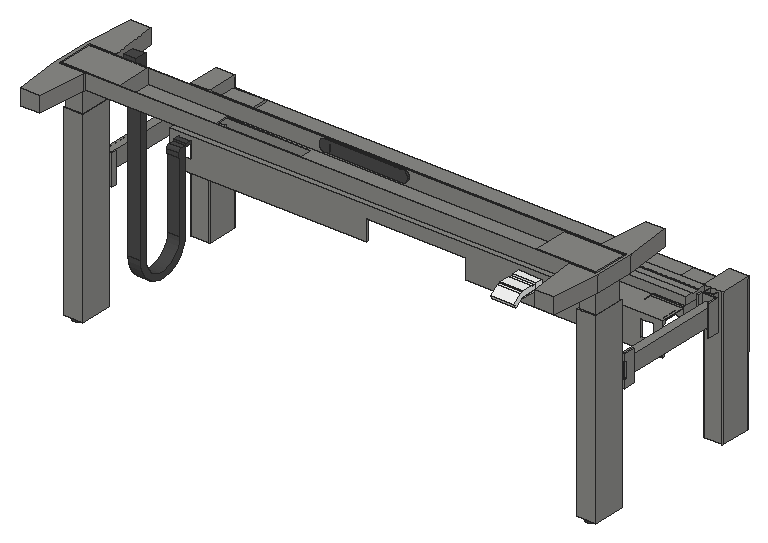
Revit family "Support-Teknion-HNBFNZ_Navigate_Single_Sided_Frame-R2016", category Furniture, Revit 2016 (continued)
Lines and regions (in)
  symbolic lines
    curve 62: line (-30.44132, 2.88042, 0) -> (-30.30683, 2.88042, 0)
    curve 63: line (-30.44132, 3.33648, 0) -> (-30.44132, 2.88042, 0)
    curve 64: line (-32.1881, 3.33648, 0) -> (-30.44132, 3.33648, 0)
    curve 65: line (-32.32258, 2.09301, 0) -> (-32.1881, 2.09301, 0)
    curve 66: line (-32.32258, 3.47097, 0) -> (-32.32258, 2.09301, 0)
    curve 67: line (-32.1881, 3.33648, 0) -> (-32.1881, -10.43825, 0)
    curve 68: line (-32.0631, -10.43825, 0) -> (-32.0631, 3.33648, 0)
    curve 69: line (-31.3131, 3.33648, 0) -> (-31.3131, -10.43825, 0)
    curve 70: line (-31.1881, -10.43825, 0) -> (-31.1881, 3.33648, 0)
    curve 71: line (-32.18117, -9.19479, 0) -> (-32.31565, -9.19479, 0)
    curve 72: line (-32.31565, -9.19479, 0) -> (-32.31565, -10.57274, 0)
    curve 73: line (-32.31565, -10.57274, 0) -> (-30.29991, -10.57274, 0)
    curve 74: line (-30.43439, -9.98219, 0) -> (-30.43439, -10.43825, 0)
    curve 75: line (-30.29991, -9.98219, 0) -> (-30.43439, -9.98219, 0)
    curve 76: line (-30.29991, -10.57274, 0) -> (-30.29991, -9.98219, 0)
    curve 77: line (-30.43439, -10.43825, 0) -> (-32.18117, -10.43825, 0)
    curve 78: line (-31.89833, -10.57274, 0) -> (-31.89833, -11.28151, 0)
    curve 79: line (-30.71723, -11.28151, 0) -> (-30.71723, -10.57274, 0)
    curve 80: line (-31.76384, -10.70723, 0) -> (-30.85172, -10.70723, 0)
    curve 81: line (-31.76384, -11.28151, 0) -> (-31.76384, -10.70723, 0)
    curve 82: line (-30.85172, -10.70723, 0) -> (-30.85172, -11.28151, 0)
    curve 83: line (-30.19565, -4.78534, 0) -> (-32.55785, -4.78534, 0)
    curve 84: line (-29.6051, -10.73022, 0) -> (-30.19565, -4.78534, 0)
    curve 85: line (-32.55785, -4.78534, 0) -> (-33.14841, -10.73022, 0)
    curve 86: line (-33.14841, -10.73022, 0) -> (-33.14841, -15.76959, 0)
    curve 87: line (-33.14841, -15.76959, 0) -> (-32.55785, -21.71447, 0)
    curve 88: line (-32.55785, -21.71447, 0) -> (-30.19565, -21.71447, 0)
    curve 89: line (-30.19565, -21.71447, 0) -> (-29.6051, -15.76959, 0)
    curve 90: line (-29.6051, -15.76959, 0) -> (-29.6051, -15.57973, 0)
    curve 91: line (-29.6051, -15.57973, 0) -> (-32.68596, -15.57973, 0)
    curve 92: line (-32.68596, -15.57973, 0) -> (-32.68596, -10.92008, 0)
    curve 93: line (-32.68596, -10.92008, 0) -> (-29.6051, -10.92008, 0)
    curve 94: line (-29.6051, -10.92008, 0) -> (-29.6051, -10.73022, 0)
    curve 95: line (32.77915, -10.95633, 0) -> (-32.68596, -10.95633, 0)
    curve 96: line (-32.68596, -15.54348, 0) -> (32.77915, -15.54348, 0)
    curve 97: line (32.77915, -15.43888, 0) -> (-32.68596, -15.43888, 0)
    curve 98: line (-32.68596, -11.06093, 0) -> (32.77915, -11.06093, 0)
    curve 99: line (-15.64274, -15.16946, 0) -> (-15.64274, -11.33034, 0)
    curve 100: line (-15.64274, -11.33034, 0) -> (-5.28841, -11.33034, 0)
    curve 101: line (-5.28841, -11.33034, 0) -> (-5.28841, -15.16946, 0)
    curve 102: line (-5.28841, -15.16946, 0) -> (-15.64274, -15.16946, 0)
    curve 103: line (25.5419, -11.08455, 0) -> (25.5419, -15.41526, 0)
    curve 104: line (25.5419, -15.41526, 0) -> (32.78599, -15.41526, 0)
    curve 105: line (32.78599, -15.41526, 0) -> (32.78599, -11.08455, 0)
    curve 106: line (32.78599, -11.08455, 0) -> (25.5419, -11.08455, 0)
    curve 115: line (-25.44857, -15.41526, 0) -> (-25.44857, -11.08455, 0)
    curve 116: line (-25.44857, -11.08455, 0) -> (-32.69266, -11.08455, 0)
    curve 117: line (-32.69266, -11.08455, 0) -> (-32.69266, -15.41526, 0)
    curve 118: line (-32.69266, -15.41526, 0) -> (-25.44857, -15.41526, 0)
    curve 119: line (-32.69266, -11.28151, 0) -> (-30.1336, -11.28151, 0)
    curve 120: line (-30.1336, -15.21852, 0) -> (-30.1336, -11.28151, 0)
    curve 121: line (-30.1336, -15.21852, 0) -> (-32.69266, -15.21852, 0)
    curve 122: line (-32.4958, -11.28151, 0) -> (-32.4958, -15.21852, 0)
    curve 123: line (-32.29896, -11.47823, 0) -> (-32.29896, -15.02156, 0)
    curve 124: line (-32.29896, -15.02156, 0) -> (-30.33046, -15.02156, 0)
    curve 125: line (-30.33046, -15.02156, 0) -> (-30.33046, -11.47823, 0)
    curve 126: line (-30.33046, -11.47823, 0) -> (-32.29896, -11.47823, 0)
    curve 127: line (-32.04152, -11.6751, 0) -> (-32.04152, -14.82471, 0)
    curve 128: line (-32.04152, -14.82471, 0) -> (-30.46671, -14.82471, 0)
    curve 129: line (-30.46671, -14.82471, 0) -> (-30.46671, -11.6751, 0)
    curve 130: line (-30.46671, -11.6751, 0) -> (-32.04152, -11.6751, 0)
    curve 131: line (-29.92983, -15.43888, 0) -> (-29.92983, -11.06093, 0)
    curve 132: arc (-31.90612, -14.48572, 0) -> (-31.31166, -13.89126, 0) -> (-30.71719, -14.48572, 0) r 0.59447
    curve 133: arc (-30.71719, -14.48572, 0) -> (-31.31166, -15.08019, 0) -> (-31.90612, -14.48572, 0) r 0.59447
    curve 134: arc (-31.72174, -14.48586, 0) -> (-31.31166, -14.07577, 0) -> (-30.90157, -14.48586, 0) r 0.41009
    curve 135: arc (-30.90157, -14.48586, 0) -> (-31.31166, -14.89595, 0) -> (-31.72174, -14.48586, 0) r 0.41009
    curve 236: line (32.47089, 8.14164, 0) -> (30.34491, 8.14164, 0)
    curve 237: arc (30.34491, 8.14164, 0) -> (30.26139, 8.10704, 0) -> (30.22679, 8.02353, 0) r 0.11811
    curve 238: line (30.22679, 8.02353, 0) -> (30.22679, 4.32274, 0)
    curve 239: arc (30.22679, 4.32274, 0) -> (30.26139, 4.23922, 0) -> (30.34491, 4.20463, 0) r 0.11811
    curve 240: line (30.34491, 4.20463, 0) -> (32.47089, 4.20463, 0)
    curve 241: arc (32.47089, 4.20463, 0) -> (32.55441, 4.23922, 0) -> (32.589, 4.32274, 0) r 0.11811
    curve 242: line (32.589, 4.32274, 0) -> (32.589, 8.02353, 0)
    curve 243: arc (32.589, 8.02353, 0) -> (32.55441, 8.10704, 0) -> (32.47089, 8.14164, 0) r 0.11811
    curve 244: arc (30.82053, 7.405, 0) -> (31.415, 7.99947, 0) -> (32.00947, 7.405, 0) r 0.59447
    curve 245: arc (32.00947, 7.405, 0) -> (31.415, 6.81053, 0) -> (30.82053, 7.405, 0) r 0.59447
    curve 246: arc (31.0088, 7.40514, 0) -> (31.415, 7.81133, 0) -> (31.8212, 7.40514, 0) r 0.4062
    curve 247: arc (31.8212, 7.40514, 0) -> (31.415, 6.99894, 0) -> (31.0088, 7.40514, 0) r 0.4062
    curve 248: line (31.99859, 3.49599, 0) -> (31.99859, 4.20463, 0)
    curve 249: line (31.8641, 4.20463, 0) -> (31.8641, 3.63048, 0)
    curve 250: line (31.8641, 3.63048, 0) -> (30.95197, 3.63048, 0)
    curve 251: line (30.95197, 3.63048, 0) -> (30.95197, 4.20463, 0)
    curve 252: line (30.81749, 4.20463, 0) -> (30.81749, 3.49599, 0)
    curve 253: line (30.81749, 3.49599, 0) -> (31.99859, 3.49599, 0)
    curve 254: line (32.50901, 3.47097, 0) -> (30.49326, 3.47097, 0)
    curve 255: line (32.50901, 2.09301, 0) -> (32.50901, 3.47097, 0)
    curve 256: line (32.37452, 2.09301, 0) -> (32.50901, 2.09301, 0)
    curve 257: line (32.37452, 3.33648, 0) -> (32.37452, 2.09301, 0)
    curve 258: line (30.62775, 3.33648, 0) -> (32.37452, 3.33648, 0)
    curve 259: line (30.62775, 2.88042, 0) -> (30.62775, 3.33648, 0)
    curve 260: line (30.49326, 2.88042, 0) -> (30.62775, 2.88042, 0)
    curve 261: line (30.49326, 3.47097, 0) -> (30.49326, 2.88042, 0)
    curve 262: line (32.28142, -10.43825, 0) -> (32.28142, 3.33648, 0)
    curve 263: line (31.28142, 3.33648, 0) -> (31.28142, -10.43825, 0)
    curve 264: line (31.40642, -10.43825, 0) -> (31.40642, 3.33648, 0)
    curve 265: line (32.15642, 3.33648, 0) -> (32.15642, -10.43825, 0)
    curve 289: line (30.28884, -4.78534, 0) -> (29.69829, -10.73022, 0)
    curve 290: line (29.69829, -10.73022, 0) -> (29.69829, -10.92008, 0)
    curve 291: line (29.69829, -10.92008, 0) -> (32.77915, -10.92008, 0)
    curve 292: line (32.77915, -10.92008, 0) -> (32.77915, -15.57973, 0)
    curve 293: line (32.77915, -15.57973, 0) -> (29.69829, -15.57973, 0)
    curve 294: line (29.69829, -15.57973, 0) -> (29.69829, -15.76959, 0)
    curve 295: line (29.69829, -15.76959, 0) -> (30.28884, -21.71447, 0)
    curve 296: line (30.28884, -21.71447, 0) -> (32.65104, -21.71447, 0)
    curve 297: line (32.65104, -21.71447, 0) -> (33.24159, -15.76959, 0)
    curve 298: line (33.24159, -15.76959, 0) -> (33.24159, -10.73022, 0)
    curve 299: line (33.24159, -10.73022, 0) -> (32.65104, -4.78534, 0)
    curve 300: line (32.65104, -4.78534, 0) -> (30.28884, -4.78534, 0)
    curve 301: line (32.24204, -11.6751, 0) -> (30.66723, -11.6751, 0)
    curve 302: line (30.66723, -11.6751, 0) -> (30.66723, -14.82471, 0)
    curve 303: line (30.66723, -14.82471, 0) -> (32.24204, -14.82471, 0)
    curve 304: line (32.24204, -14.82471, 0) -> (32.24204, -11.6751, 0)
    curve 305: line (30.42379, -11.47823, 0) -> (30.42379, -15.02156, 0)
    curve 306: line (30.42379, -15.02156, 0) -> (32.39229, -15.02156, 0)
    curve 307: line (32.39229, -15.02156, 0) -> (32.39229, -11.47823, 0)
    curve 308: line (32.39229, -11.47823, 0) -> (30.42379, -11.47823, 0)
    curve 309: line (30.22036, -15.21838, 0) -> (32.58257, -15.21838, 0)
    curve 310: line (32.58257, -15.21838, 0) -> (32.58257, -11.28137, 0)
    curve 311: line (32.58257, -11.28137, 0) -> (30.22036, -11.28137, 0)
    curve 312: line (30.22036, -11.28137, 0) -> (30.22036, -15.21838, 0)
    curve 313: line (30.02302, -11.06093, 0) -> (30.02302, -15.43888, 0)
    curve 314: arc (32.00556, -14.48572, 0) -> (31.41109, -13.89126, 0) -> (30.81662, -14.48572, 0) r 0.59447
    curve 315: arc (30.81662, -14.48572, 0) -> (31.41109, -15.08019, 0) -> (32.00556, -14.48572, 0) r 0.59447
    curve 316: arc (31.82118, -14.48586, 0) -> (31.41109, -14.07577, 0) -> (31.00101, -14.48586, 0) r 0.41009
    curve 317: arc (31.00101, -14.48586, 0) -> (31.41109, -14.89595, 0) -> (31.82118, -14.48586, 0) r 0.41009
    curve 318: line (32.41591, -9.16978, 0) -> (32.28142, -9.16978, 0)
    curve 319: line (32.41591, -10.54774, 0) -> (32.41591, -9.16978, 0)
    curve 320: line (30.40016, -10.54774, 0) -> (32.41591, -10.54774, 0)
    curve 321: line (32.28142, -10.41325, 0) -> (30.53465, -10.41325, 0)
    curve 322: line (30.53465, -10.41325, 0) -> (30.53465, -9.95719, 0)
    curve 323: line (30.53465, -9.95719, 0) -> (30.40016, -9.95719, 0)
    curve 324: line (30.40016, -9.95719, 0) -> (30.40016, -10.54774, 0)
    curve 325: line (30.95197, -11.28137, 0) -> (30.95197, -10.70723, 0)
    curve 326: line (30.95197, -10.70723, 0) -> (31.8641, -10.70723, 0)
    curve 327: line (31.8641, -10.70723, 0) -> (31.8641, -11.28137, 0)
    curve 328: line (31.99859, -11.28137, 0) -> (31.99859, -10.57274, 0)
    curve 329: line (31.99859, -10.57274, 0) -> (30.81749, -10.57274, 0)
    curve 330: line (30.81749, -10.57274, 0) -> (30.81749, -11.28137, 0)
    curve 331: line (29.59129, -19.73366, 0) -> (26.76595, -19.73366, 0)
    curve 332: line (26.76595, -19.73366, 0) -> (26.76595, -23.00004, 0)
    curve 333: line (29.59129, -19.73366, 0) -> (29.59129, -23.00004, 0)
  symbolic lines, visible <- "Right e-Chain"
    curve 107: line (27.69782, -10.43662, 0) -> (29.19979, -10.43662, 0)
    curve 108: line (27.69782, -1.98524, 0) -> (27.69782, -10.43662, 0)
    curve 109: line (29.19979, -1.98524, 0) -> (27.69782, -1.98524, 0)
    curve 110: line (29.19979, -10.43662, 0) -> (29.19979, -1.98524, 0)
  symbolic lines, visible <- "Left e-Chain"
    curve 111: line (-28.96187, -10.43662, 0) -> (-27.45794, -10.43662, 0)
    curve 112: line (-28.96187, -1.98524, 0) -> (-28.96187, -10.43662, 0)
    curve 113: line (-27.45794, -1.98524, 0) -> (-28.96187, -1.98524, 0)
    curve 114: line (-27.45794, -10.43662, 0) -> (-27.45794, -1.98524, 0)
  symbolic lines, visible <- "Has Navigate Wire Channel"
    curve 136: line (-26.10633, 1.22626, 0) -> (-26.10633, 7.72626, 0)
    curve 137: line (-26.10633, 1.22626, 0) -> (-30.10633, 1.22626, 0)
    curve 138: line (-30.10633, 7.72626, 0) -> (-30.10633, 1.22626, 0)
    curve 139: line (-30.10633, 7.72626, 0) -> (-26.10633, 7.72626, 0)
    curve 140: line (-30.00133, 1.22626, 0) -> (-30.00133, 7.72626, 0)
    curve 220: line (26.19966, 1.22626, 0) -> (30.19966, 1.22626, 0)
    curve 221: line (26.19966, 7.72626, 0) -> (26.19966, 1.22626, 0)
    curve 222: line (30.19966, 7.72626, 0) -> (26.19966, 7.72626, 0)
    curve 223: line (30.19966, 1.22626, 0) -> (30.19966, 7.72626, 0)
    curve 334: line (-30.03334, -1.98524, 0) -> (30.12666, -1.98524, 0)
    curve 335: line (-30.03334, 8.01476, 0) -> (-30.03334, -1.98524, 0)
    curve 336: line (30.12666, 8.01476, 0) -> (-30.03334, 8.01476, 0)
    curve 337: line (30.12666, -1.98524, 0) -> (30.12666, 8.01476, 0)
    curve 338: line (30.12666, 4.49114, 0) -> (-30.03334, 4.49114, 0)
    curve 339: line (30.12666, 3.55476, 0) -> (-30.03334, 3.55476, 0)
    curve 340: line (-30.03334, 1.53838, 0) -> (30.12666, 1.53838, 0)
    curve 341: line (30.12666, 2.47476, 0) -> (-30.03334, 2.47476, 0)
    curve 342: line (30.09466, 7.72626, 0) -> (30.09466, 1.22626, 0)
  symbolic lines, visible <- "Horizontal Power Module"
    curve 141: line (-7.20341, 4.98976, 0) -> (7.29659, 4.98976, 0)
    curve 142: line (-7.20341, 1.03976, 0) -> (-7.20341, 4.98976, 0)
    curve 143: line (7.29659, 1.03976, 0) -> (-7.20341, 1.03976, 0)
    curve 144: line (7.29659, 4.98976, 0) -> (7.29659, 1.03976, 0)
    curve 145: line (6.54266, 4.57487, 0) -> (-6.44947, 4.57487, 0)
    curve 146: line (-6.44947, 4.57487, 0) -> (-6.44947, 4.45676, 0)
    curve 147: line (-6.44947, 4.45676, 0) -> (6.54266, 4.45676, 0)
    curve 148: line (6.54266, 4.45676, 0) -> (6.54266, 4.57487, 0)
    curve 149: line (-6.44947, 1.45465, 0) -> (6.54266, 1.45465, 0)
    curve 150: line (6.54266, 1.45465, 0) -> (6.54266, 1.57276, 0)
    curve 151: line (6.54266, 1.57276, 0) -> (-6.44947, 1.57276, 0)
    curve 152: line (-6.44947, 1.57276, 0) -> (-6.44947, 1.45465, 0)
    curve 153: line (-7.20341, 4.40876, 0) -> (7.29659, 4.40876, 0)
    curve 154: line (7.29659, 1.62076, 0) -> (-7.20341, 1.62076, 0)
    curve 155: line (7.29659, 4.45676, 0) -> (-7.20341, 4.45676, 0)
    curve 156: line (-7.20341, 1.57276, 0) -> (7.29659, 1.57276, 0)
    curve 157: line (-2.39742, 1.2974, 0) -> (-5.2195, 1.2974, 0)
    curve 158: line (-2.39742, 2.42313, 0) -> (-2.39742, 1.2974, 0)
    curve 159: line (-5.2195, 2.42313, 0) -> (-2.39742, 2.42313, 0)
    curve 160: line (-5.2195, 1.2974, 0) -> (-5.2195, 2.42313, 0)
    curve 161: line (5.30337, 1.2974, 0) -> (2.48129, 1.2974, 0)
    curve 162: line (5.30337, 2.42313, 0) -> (5.30337, 1.2974, 0)
    curve 163: line (2.48129, 2.42313, 0) -> (5.30337, 2.42313, 0)
    curve 164: line (2.48129, 1.2974, 0) -> (2.48129, 2.42313, 0)
  symbolic lines, visible <- "Base Feed Cover (B)"
    curve 195: line (20.95412, 4.37526, 0) -> (15.73312, 4.37526, 0)
    curve 196: line (15.73312, 4.37526, 0) -> (15.73312, 1.65426, 0)
    curve 197: line (15.73312, 1.65426, 0) -> (20.95412, 1.65426, 0)
    curve 198: line (20.95412, 4.37526, 0) -> (20.95412, 1.65426, 0)
    curve 199: line (20.90612, 4.32726, 0) -> (20.90612, 4.92726, 0)
    curve 200: line (20.90612, 4.92726, 0) -> (18.43737, 4.92726, 0)
    curve 201: line (18.43737, 4.92726, 0) -> (18.43737, 4.51978, 0)
    curve 202: line (18.43737, 4.51978, 0) -> (18.24987, 4.51978, 0)
    curve 203: line (18.24987, 4.51978, 0) -> (18.24987, 4.92726, 0)
    curve 204: line (18.24987, 4.92726, 0) -> (15.78112, 4.92726, 0)
    curve 205: line (15.78112, 4.92726, 0) -> (15.78112, 4.32726, 0)
    curve 206: line (15.78112, 4.32726, 0) -> (20.90612, 4.32726, 0)
    curve 207: line (15.78112, 1.70226, 0) -> (20.90612, 1.70226, 0)
    curve 208: line (20.90612, 1.70226, 0) -> (20.90612, 1.10226, 0)
    curve 209: line (20.90612, 1.10226, 0) -> (19.59362, 1.10226, 0)
    curve 210: line (19.59362, 1.10226, 0) -> (19.59362, 1.70226, 0)
    curve 211: line (17.09362, 1.70226, 0) -> (17.09362, 1.10226, 0)
    curve 212: line (17.09362, 1.10226, 0) -> (15.78112, 1.10226, 0)
    curve 213: line (15.78112, 1.10226, 0) -> (15.78112, 1.70226, 0)
    curve 214: line (15.73312, 4.29726, 0) -> (15.78112, 4.29726, 0)
    curve 215: line (15.78112, 4.29726, 0) -> (15.78112, 1.73226, 0)
    curve 216: line (15.78112, 1.73226, 0) -> (15.73312, 1.73226, 0)
    curve 217: line (20.90612, 4.29726, 0) -> (20.95412, 4.29726, 0)
    curve 218: line (20.90612, 1.73226, 0) -> (20.90612, 4.29726, 0)
    curve 219: line (20.95412, 1.73226, 0) -> (20.90612, 1.73226, 0)
    curve 266: line (30.48119, 2.21558, 0) -> (30.48119, -0.61906, 0)
    curve 267: line (30.48119, -0.61906, 0) -> (31.85619, -0.61906, 0)
    curve 268: line (31.85619, -0.61906, 0) -> (31.85619, -0.14662, 0)
    curve 269: line (31.85619, -0.14662, 0) -> (32.10619, -0.14662, 0)
    curve 270: line (32.10619, -0.14662, 0) -> (32.10619, 1.74314, 0)
    curve 271: line (32.10619, 1.74314, 0) -> (31.85619, 1.74314, 0)
    curve 272: line (31.85619, 1.74314, 0) -> (31.85619, 2.21558, 0)
    curve 273: line (31.85619, 2.21558, 0) -> (30.48119, 2.21558, 0)
    curve 274: line (32.04669, 1.74314, 0) -> (34.27373, 1.74314, 0)
    curve 275: line (34.27373, -0.14662, 0) -> (34.27373, 1.74314, 0)
    curve 276: line (32.04669, -0.14662, 0) -> (34.27373, -0.14662, 0)
    curve 277: line (34.3609, 1.97936, 0) -> (31.99869, 1.97936, 0)
    curve 278: line (31.99869, -0.38284, 0) -> (34.3609, -0.38284, 0)
    curve 279: line (34.3609, -0.38284, 0) -> (34.3609, 0.24216, 0)
    curve 280: line (34.3131, 0.24216, 0) -> (34.3131, -0.33484, 0)
    curve 281: line (34.3131, -0.33484, 0) -> (32.04669, -0.33484, 0)
    curve 282: line (32.04669, -0.33484, 0) -> (32.04669, 1.93136, 0)
    curve 283: line (31.99869, 1.97936, 0) -> (31.99869, -0.38284, 0)
    curve 284: line (32.04669, 1.93136, 0) -> (34.3131, 1.93136, 0)
    curve 285: line (34.3131, 1.93136, 0) -> (34.3131, 1.35436, 0)
    curve 286: line (34.3131, 1.35436, 0) -> (34.3609, 1.35436, 0)
    curve 287: line (34.3609, 1.35436, 0) -> (34.3609, 1.97936, 0)
    curve 288: line (34.3609, 0.24216, 0) -> (34.3131, 0.24216, 0)
  symbolic lines, visible <- "Navigate Mid Gable - Metal (B)"
    curve 224: line (41.89642, -15.67924, 0) -> (41.89642, 8.68173, 0)
    curve 225: line (41.89642, 8.68173, 0) -> (30.16643, 8.68173, 0)
    curve 226: line (30.16643, 8.68173, 0) -> (30.16643, -15.67924, 0)
    curve 227: line (30.16643, -15.67924, 0) -> (41.89642, -15.67924, 0)
    curve 228: line (41.83592, 4.20476, 0) -> (39.47371, 4.20476, 0)
    curve 229: line (41.83592, 8.14177, 0) -> (41.83592, 4.20476, 0)
    curve 230: line (39.47371, 8.14177, 0) -> (41.83592, 8.14177, 0)
    curve 231: line (39.47371, 4.20476, 0) -> (39.47371, 8.14177, 0)
    curve 232: line (39.27686, -11.28151, 0) -> (41.83592, -11.28151, 0)
    curve 233: line (41.83592, -11.28151, 0) -> (41.83592, -15.21852, 0)
    curve 234: line (41.83592, -15.21852, 0) -> (39.27686, -15.21852, 0)
    curve 235: line (39.27686, -15.21852, 0) -> (39.27686, -11.28151, 0)
Dimensions and locks (in)
  "Width": plane 4 "Left" to plane 5 "Right"
  "Depth": plane 6 "Back" to plane 7 "Front"
  "Actual Height": plane 8 "Top" to level
  equal spacing: plane 4 "Left", plane 3 "Center Left/Right", plane 5 "Right"  (x2)
  equal spacing: plane 9, plane 1 "Center Front/Back", plane 11  (x2)
  "Actual Depth": plane 9 to plane 11
  equal spacing: plane 12, plane 3 "Center Left/Right", plane 10  (x2)
  "Actual Width": plane 12 to plane 10
  locked: Sweep 1 sketch curve to level at 0.33333
  plane 8 "Top" to Sweep 2 sketch curve to Sweep 2 sketch curve = 1.81102" locked, 22.67715" locked
  locked: plane 8 "Top" to Sweep 3 sketch curve at 1.92913
  Sweep 3 sketch curve to plane 11 to Sweep 3 sketch curve to Sweep 3 sketch curve to Sweep 3 sketch curve to Sweep 3 sketch curve to Sweep 3 sketch curve to Sweep 3 sketch curve to Sweep 3 sketch curve = 0.00011" locked, 5.94478" locked, 0.000" locked, 0.18986" locked, 4.65965" locked, 0.18986" locked, 0.000" locked, 5.94488" locked  (x2)
  Sweep 3 sketch curve to plane 12 to Sweep 3 sketch curve to Sweep 3 sketch curve to Sweep 3 sketch curve to Sweep 3 sketch curve to Sweep 3 sketch curve to Sweep 3 sketch curve to Sweep 3 sketch curve = 0.000" locked, 0.46244" locked, 0.12811" locked, 0.000" locked, 2.3622" locked, 0.000" locked, 0.59055" locked, 0.000" locked
  Sweep 3 sketch curve to Sweep 3 sketch curve to Sweep 3 sketch curve to Sweep 3 sketch curve to Sweep 3 sketch curve to Sweep 3 sketch curve to Sweep 3 sketch curve to plane 10 to Sweep 3 sketch curve = 0.000" locked, 0.59055" locked, 0.000" locked, 2.3622" locked, 0.000" locked, 0.12811" locked, 0.46244" locked, 0.000" locked
  locked: plane 8 "Top" to Sweep 4 sketch curve at 1.81102
  plane 11 to Sweep 4 sketch curve to Sweep 4 sketch curve = 6.29911" locked, 4.33071" locked
  Sweep 4 sketch curve to Sweep 4 sketch curve to plane 11 = 4.33071" locked, 6.29911" locked
  Sweep 4 sketch curve to Sweep 4 sketch curve to plane 10 = 7.24409" locked, 0.4556" locked
  plane 12 to Sweep 4 sketch curve to Sweep 4 sketch curve = 0.45574" locked, 7.24409" locked
  locked: plane 12 to Sweep 5 sketch curve at 0.46267
  locked: Sweep 5 sketch curve to plane 10 at 0.46267
  plane 8 "Top" to Sweep 5 sketch curve to Sweep 5 sketch curve to Sweep 5 sketch curve to Sweep 5 sketch curve = 0.000" locked, 0.000" locked, 1.81102" locked, 0.1046" locked
  Sweep 5 sketch curve to Sweep 5 sketch curve to Sweep 5 sketch curve to Sweep 5 sketch curve to plane 11 = 0.1046" locked, 4.37795" locked, 0.1046" locked, 6.17088" locked
  Sweep 6 sketch curve to Sweep 6 sketch curve to level = 3.76378" locked, 13.02835" locked
  plane 11 to Sweep 6 sketch curve to Sweep 6 sketch curve to Sweep 6 sketch curve to Sweep 6 sketch curve = 11.14163" locked, 0.13449" locked, 0.45606" locked, 0.7874" locked
  plane 11 to Sweep 6 sketch curve to Sweep 6 sketch curve to Sweep 6 sketch curve to Sweep 6 sketch curve = 11.16663" locked, 0.13449" locked, 0.45606" locked, 0.7874" locked
  Sweep 6 sketch curve to Sweep 6 sketch curve to Sweep 6 sketch curve to Sweep 6 sketch curve to plane 10 = 0.13449" locked, 1.74677" locked, 0.13449" locked, 0.82568" locked
  plane 12 to Sweep 6 sketch curve to Sweep 6 sketch curve to Sweep 6 sketch curve to Sweep 6 sketch curve = 0.83275" locked, 0.13449" locked, 1.74677" locked, 0.13449" locked
  plane 11 to Sweep 7 sketch curve to Sweep 7 sketch curve = 10.23614" locked, 1.18022" locked
  Sweep 7 sketch curve to Sweep 7 sketch curve to level = 1.99993" locked, 13.91027" locked  (x2)
  Sweep 7 sketch curve to plane 10 to Sweep 7 sketch curve = 1.21724" locked, 0.000" locked
  Sweep 7 sketch curve to plane 12 to Sweep 7 sketch curve = 1.21724" locked, 0.000" locked
  Sweep 8 sketch curve to Sweep 8 sketch curve to level = 4.000" locked, 12.91024" locked
  plane 12 to Sweep 8 sketch curve to Sweep 8 sketch curve to Sweep 8 sketch curve to Sweep 8 sketch curve = 1.24324" locked, 0.13449" locked, 0.91213" locked, 0.13449" locked
  plane 12 to Sweep 8 sketch curve to Sweep 8 sketch curve to Sweep 8 sketch curve to Sweep 8 sketch curve = 1.25007" locked, 0.13449" locked, 0.91213" locked, 0.13449" locked
  plane 11 to Sweep 8 sketch curve to Sweep 8 sketch curve to Sweep 8 sketch curve to Sweep 8 sketch curve = 10.43299" locked, 0.000" locked, 0.57415" locked, 0.13449" locked  (x2)
  Sweep 8 sketch curve to Sweep 8 sketch curve to Sweep 8 sketch curve to Sweep 8 sketch curve to plane 10 = 0.13449" locked, 0.91213" locked, 0.13449" locked, 1.24301" locked  (x2)
  plane 9 to Sweep 8 sketch curve to Sweep 8 sketch curve to Sweep 8 sketch curve to Sweep 8 sketch curve = 3.93703" locked, 0.000" locked, 0.57415" locked, 0.13449" locked
  plane 9 to Sweep 8 sketch curve to Sweep 8 sketch curve to Sweep 8 sketch curve to Sweep 8 sketch curve = 3.93701" locked, 0.000" locked, 0.57415" locked, 0.13449" locked
  locked: plane 11 to Sweep 9 sketch curve at 11.27611
  Sweep 9 sketch curve to Sweep 9 sketch curve to Sweep 9 sketch curve to Sweep 9 sketch curve to plane 12 = 0.125" locked, 0.750" locked, 0.125" locked, 0.96031" locked
  Sweep 9 sketch curve to Sweep 9 sketch curve to Sweep 9 sketch curve to Sweep 9 sketch curve to plane 10 = 0.125" locked, 0.750" locked, 0.125" locked, 0.96017" locked
  Sweep 9 sketch curve to Sweep 9 sketch curve to Sweep 9 sketch curve to Sweep 9 sketch curve to level = 0.125" locked, 1.750" locked, 0.12497" locked, 14.10893" locked  (x2)
  locked: plane 8 "Top" to Sweep 10 sketch curve at 2.5
  plane 11 to Sweep 10 sketch curve to Sweep 10 sketch curve = 6.27548" locked, 4.37795" locked  (x2)
  plane 12 to Sweep 10 sketch curve to Sweep 10 sketch curve = 0.46267" locked, 2.75591" locked
  Sweep 10 sketch curve to Sweep 10 sketch curve to plane 10 = 2.75591" locked, 0.46267" locked
  locked: plane 8 "Top" to Sweep 11 sketch curve at 2.5
  locked: Sweep 11 sketch curve to Sweep 11 sketch curve at 10.35433
  plane 11 to Sweep 11 sketch curve to Sweep 11 sketch curve = 6.5449" locked, 3.83912" locked
  "Frame Cutout Offset": Sweep 11 sketch curve to plane 3 "Center Left/Right"
  plane 11 to Sweep 12 sketch curve to Sweep 12 sketch curve = 8.500" locked, 2.500" locked
  Sweep 12 sketch curve to Sweep 12 sketch curve to Sweep 12 sketch curve to Sweep 12 sketch curve to Sweep 12 sketch curve to Sweep 12 sketch curve to Sweep 12 sketch curve to Sweep 12 sketch curve to Sweep 12 sketch curve to Sweep 12 sketch curve to cut or joined group of Sweep 5, Sweep 10, Sweep 11, Sweep 12 = 0.86811" locked, 0.98327" locked, 1.10236" locked, 0.47244" locked, 1.10236" locked, 0.47244" locked, 1.10236" locked, 0.47244" locked, 1.43819" locked, 2.08579" locked
  plane 8 "Top" to Sweep 12 sketch curve to Sweep 12 sketch curve to Sweep 12 sketch curve to Sweep 12 sketch curve to Sweep 12 sketch curve to Sweep 12 sketch curve to Sweep 12 sketch curve to Sweep 12 sketch curve to Sweep 12 sketch curve to Sweep 12 sketch curve = 0.25591" locked, 0.000" locked, 0.000" locked, 0.000" locked, 0.11713" locked, 0.86811" locked, 0.11713" locked, 0.000" locked, 0.000" locked, 0.000" locked
  Sweep 13 sketch curve to Sweep 13 sketch curve to plane 11 = 0.1378" locked, 10.51564" locked
  Sweep 13 sketch curve to Sweep 13 sketch curve to Sweep 13 sketch curve to Sweep 13 sketch curve to Sweep 13 sketch curve to Sweep 13 sketch curve to cut or joined group of Sweep 5, Sweep 10, Sweep 11, Sweep 12 = 0.59055" locked, 0.000" locked, 9.56693" locked, 0.000" locked, 0.59055" locked, 0.90587" locked
  plane 8 "Top" to Sweep 13 sketch curve to Sweep 13 sketch curve to Sweep 13 sketch curve to Sweep 13 sketch curve to Sweep 13 sketch curve to Sweep 13 sketch curve = 0.09842" locked, 0.59055" locked, 0.000" locked, 0.23622" locked, 0.000" locked, 0.59055" locked
  "Outer Leg Layer Height": Sweep 1 sketch curve to Sweep 1 sketch curve
  locked: plane 14 to level at 18.28633
  locked: plane 8 "Top" to plane 13 at 1.81102
  equal spacing: plane 13, plane 15, plane 14
  plane 15 to Sweep 14 sketch curve to Sweep 14 sketch curve = 0.000" locked, 17.638" locked
  plane 12 to Sweep 1 sketch curve to Sweep 1 sketch curve = 0.6526" locked, 2.3622" locked
  Sweep 1 sketch curve to Sweep 1 sketch curve to plane 10 = 2.3622" locked, 0.65903" locked
  plane 11 to Sweep 1 sketch curve to Sweep 1 sketch curve to Sweep 1 sketch curve to Sweep 1 sketch curve = 6.49598" locked, 0.000" locked, 3.93701" locked, 0.000" locked
  plane 11 to Sweep 2 sketch curve to Sweep 2 sketch curve = 6.69281" locked, 3.54333" locked  (x2)
  plane 12 to Sweep 2 sketch curve to Sweep 2 sketch curve = 0.84944" locked, 1.9685" locked
  plane 10 to Sweep 2 sketch curve to Sweep 2 sketch curve = 0.8493" locked, 1.9685" locked
  plane 11 to Sweep 14 sketch curve to Sweep 14 sketch curve = 6.69281" locked, 3.54331" locked  (x2)
  plane 12 to Sweep 14 sketch curve to Sweep 14 sketch curve = 0.84944" locked, 1.9685" locked
  plane 10 to Sweep 14 sketch curve to Sweep 14 sketch curve = 0.8493" locked, 1.9685" locked
  locked: plane 13 to Sweep 15 sketch curve at 17.146
  plane 12 to Sweep 15 sketch curve to Sweep 15 sketch curve = 1.10689" locked, 1.5748" locked
  plane 11 to Sweep 15 sketch curve to Sweep 15 sketch curve = 6.88966" locked, 3.14961" locked  (x2)
  plane 10 to Sweep 15 sketch curve to Sweep 15 sketch curve = 0.99956" locked, 1.5748" locked
  locked: Sweep 16 sketch curve to level at 0.13267
  locked: Sweep 16 sketch curve to plane 10 at 1.8305
  locked: plane 11 to Sweep 16 sketch curve at 7.22864  (x2)
  locked: plane 12 to Sweep 16 sketch curve at 1.83675
  Sweep 17 sketch curve to Sweep 17 sketch curve to plane 10 = 2.82534" locked, 3.6503" locked
  Sweep 17 sketch curve to Sweep 17 sketch curve to plane 7 "Front" to Sweep 17 sketch curve to Sweep 17 sketch curve to Sweep 17 sketch curve to Sweep 17 sketch curve to Sweep 17 sketch curve to Sweep 17 sketch curve to Sweep 17 sketch curve to Sweep 17 sketch curve to Sweep 17 sketch curve to Sweep 17 sketch curve to Sweep 17 sketch curve to Sweep 17 sketch curve = 0.32636" locked, 0.641" locked, 0.01808" locked, 0.18655" locked, 0.15859" locked, 0.03618" locked, 0.04173" locked, 1.31654" locked, 0.49996" locked, 0.02786" locked, 0.06829" locked, 0.04657" locked, 0.07139" locked, 0.79464" locked
  plane 8 "Top" to Sweep 17 sketch curve to Sweep 17 sketch curve to Sweep 17 sketch curve to Sweep 17 sketch curve to Sweep 17 sketch curve to Sweep 17 sketch curve to Sweep 17 sketch curve to Sweep 17 sketch curve = 0.13841" locked, 0.000" locked, 0.50625" locked, 0.05613" locked, 0.04004" locked, 0.07791" locked, 0.14655" locked, 0.38894" locked
  locked: plane 12 to Sweep 18 sketch curve at 3.11507
  locked: Sweep 18 sketch curve to plane 10 at 3.11493
  plane 9 to Sweep 18 sketch curve to Sweep 18 sketch curve to Sweep 18 sketch curve to Sweep 18 sketch curve to Sweep 18 sketch curve to Sweep 18 sketch curve to Sweep 18 sketch curve to Sweep 18 sketch curve to Sweep 18 sketch curve to Sweep 18 sketch curve to Sweep 18 sketch curve to Sweep 18 sketch curve to Sweep 18 sketch curve to Sweep 18 sketch curve = 0.12688" locked, 0.048" locked, 0.060" locked, 0.048" locked, 3.36762" locked, 0.93638" locked, 0.010" locked, 1.060" locked, 0.010" locked, 0.93638" locked, 3.36762" locked, 0.048" locked, 0.060" locked, 0.048" locked
  Sweep 18 sketch curve to Sweep 18 sketch curve to Sweep 18 sketch curve to Sweep 18 sketch curve to Sweep 18 sketch curve to Sweep 18 sketch curve to Sweep 18 sketch curve to Sweep 18 sketch curve to Sweep 18 sketch curve to Sweep 18 sketch curve to Sweep 18 sketch curve to Sweep 18 sketch curve to level = 0.000" locked, 0.188" locked, 0.937" locked, 0.000" locked, 0.498" locked, 2.877" locked, 0.000" locked, 0.57474" locked, 0.000" locked, 0.05026" locked, 0.000" locked, 11.8398" locked
  Sweep 19 sketch curve to Sweep 19 sketch curve to plane 9 = 5.500" locked, 5.12688" locked
  Sweep 19 sketch curve to Sweep 19 sketch curve to level = 2.000" locked, 13.2218" locked
  Sweep 19 sketch curve to Sweep 19 sketch curve to level = 2.000" locked, 13.2199" locked
  Sweep 19 sketch curve to Sweep 19 sketch curve to plane 10 = 1.550" locked, 4.1635" locked
  Sweep 19 sketch curve to Sweep 19 sketch curve to plane 12 = 1.550" locked, 4.1635" locked
  Sweep 19 sketch curve to plane 3 "Center Left/Right" to Sweep 19 sketch curve = 6.000" locked, 6.000" locked
  Sweep 19 sketch curve to Sweep 19 sketch curve to level = 2.500" locked, 11.8398" locked
  Sweep 20 sketch curve to Sweep 20 sketch curve to level = 5.000" locked, 10.7918" locked
  plane 12 to Sweep 20 sketch curve to Sweep 20 sketch curve to Sweep 20 sketch curve = 3.11507" locked, 0.375" locked, 3.655" locked
  Sweep 20 sketch curve to Sweep 20 sketch curve to Sweep 20 sketch curve to plane 10 = 3.655" locked, 0.375" locked, 3.11493" locked
  Sweep 20 sketch curve to Sweep 20 sketch curve to Sweep 20 sketch curve to plane 20 = 2.000" locked, 7.469" locked, 0.82283" locked
  plane 1 "Center Front/Back" to Sweep 20 sketch curve to Sweep 20 sketch curve to Sweep 20 sketch curve = 5.17612" locked, 2.000" locked, 7.469" locked
  Sweep 21 sketch curve to Sweep 21 sketch curve to plane 9 = 6.500" locked, 0.41538" locked
  Sweep 21 sketch curve to Sweep 21 sketch curve to Sweep 21 sketch curve to plane 12 = 3.895" locked, 0.105" locked, 3.04207" locked
  Sweep 21 sketch curve to Sweep 21 sketch curve to Sweep 21 sketch curve to plane 10 = 3.895" locked, 0.105" locked, 3.04193" locked
  Sweep 21 sketch curve to Sweep 21 sketch curve to Sweep 21 sketch curve to Sweep 21 sketch curve to level = 0.35216" locked, 1.00776" locked, 0.79798" locked, 13.8339" locked
  Sweep 21 sketch curve to Sweep 21 sketch curve to Sweep 21 sketch curve to Sweep 21 sketch curve to level = 0.35216" locked, 1.00776" locked, 0.79798" locked, 13.8339"
  locked: plane 12 to Sweep 22 sketch curve at 3.11507
  locked: Sweep 22 sketch curve to plane 10 at 3.11493
  plane 20 to Sweep 22 sketch curve to Sweep 22 sketch curve to Sweep 22 sketch curve to Sweep 22 sketch curve to Sweep 22 sketch curve to Sweep 22 sketch curve to Sweep 22 sketch curve to Sweep 22 sketch curve to Sweep 22 sketch curve to Sweep 22 sketch curve to Sweep 22 sketch curve to Sweep 22 sketch curve to Sweep 22 sketch curve to Sweep 22 sketch curve = 0.66683" locked, 0.048" locked, 0.060" locked, 0.048" locked, 3.36762" locked, 0.93638" locked, 0.010" locked, 1.060" locked, 0.010" locked, 0.93638" locked, 3.36762" locked, 0.048" locked, 0.060" locked, 0.048" locked
  Sweep 22 sketch curve to Sweep 22 sketch curve to Sweep 22 sketch curve to Sweep 22 sketch curve to Sweep 22 sketch curve to Sweep 22 sketch curve to Sweep 22 sketch curve to Sweep 22 sketch curve to Sweep 22 sketch curve to Sweep 22 sketch curve to Sweep 22 sketch curve to Sweep 22 sketch curve to level = 0.000" locked, 0.188" locked, 0.937" locked, 0.000" locked, 0.498" locked, 2.877" locked, 0.000" locked, 0.57474" locked, 0.000" locked, 0.05026" locked, 0.000" locked, 11.8398" locked
  locked: plane 9 to Sweep 23 sketch curve at 0.37312
  Sweep 23 sketch curve to Sweep 23 sketch curve to level = 2.000" locked, 13.2218" locked
  Sweep 23 sketch curve to Sweep 23 sketch curve to level = 2.000" locked, 13.2199" locked
  Sweep 23 sketch curve to Sweep 23 sketch curve to plane 10 = 1.550" locked, 4.1635" locked
  Sweep 23 sketch curve to Sweep 23 sketch curve to plane 12 = 1.550" locked, 4.1635" locked
  Sweep 23 sketch curve to plane 3 "Center Left/Right" to Sweep 23 sketch curve = 6.000" locked, 6.000" locked
  Sweep 23 sketch curve to Sweep 23 sketch curve to level = 2.500" locked, 11.8398" locked
  plane 16 "LEFT Reference for Frame Run" to plane 18 "Snap End Screen Here Left" to plane 12 = 0.10414" locked, 2.67887" locked
  plane 10 to plane 19 "Snap End Screen Here Right" to plane 17 "RIGHT Reference for Frame Run" = 2.67887" locked, 0.10414" locked
  Sweep 24 sketch curve to plane 3 "Center Left/Right" to Sweep 24 sketch curve = 7.250" locked, 7.250" locked
  plane 9 to Sweep 24 sketch curve to Sweep 24 sketch curve to Sweep 24 sketch curve to Sweep 24 sketch curve to Sweep 24 sketch curve to Sweep 24 sketch curve = 3.15188" locked, 0.533" locked, 0.048" locked, 2.788" locked, 0.048" locked, 0.533" locked
  Sweep 24 sketch curve to Sweep 24 sketch curve to Sweep 24 sketch curve to Sweep 24 sketch curve to Sweep 24 sketch curve to Sweep 24 sketch curve to level = 0.000" locked, 0.048" locked, 0.000" locked, 4.054" locked, 0.048" locked, 11.1918" locked
  Sweep 25 sketch curve to plane 3 "Center Left/Right" to Sweep 25 sketch curve = 6.49606" locked, 6.49606" locked
  plane 20 to Sweep 25 sketch curve to Sweep 25 sketch curve to Sweep 25 sketch curve to Sweep 25 sketch curve = 4.10672" locked, 0.11811" locked, 2.884" locked, 0.11811" locked
  Sweep 25 sketch curve to Sweep 25 sketch curve to Sweep 25 sketch curve to Sweep 25 sketch curve to level = 0.000" locked, 2.87402" locked, 0.000" locked, 11.63618" locked
  Sweep 26 sketch curve to Sweep 26 sketch curve to plane 9 = 3.950" locked, 3.15188" locked
  Sweep 26 sketch curve to Sweep 26 sketch curve to Sweep 26 sketch curve to Sweep 26 sketch curve to Sweep 26 sketch curve to Sweep 26 sketch curve to Sweep 26 sketch curve to Sweep 26 sketch curve to Sweep 26 sketch curve to plane 3 "Center Left/Right" to Sweep 26 sketch curve to Sweep 26 sketch curve to Sweep 26 sketch curve to Sweep 26 sketch curve to Sweep 26 sketch curve to Sweep 26 sketch curve to Sweep 26 sketch curve to Sweep 26 sketch curve to Sweep 26 sketch curve = 0.11811" locked, 0.000" locked, 2.65748" locked, 0.000" locked, 0.11811" locked, 1.04921" locked, 0.05906" locked, 0.000" locked, 1.29528" locked, 1.29528" locked, 0.000" locked, 0.05906" locked, 1.04921" locked, 0.11811" locked, 0.000" locked, 2.65748" locked, 0.000" locked, 0.11811" locked
  Sweep 26 sketch curve to Sweep 26 sketch curve to Sweep 26 sketch curve to Sweep 26 sketch curve to Sweep 26 sketch curve to Sweep 26 sketch curve to Sweep 26 sketch curve to Sweep 26 sketch curve to Sweep 26 sketch curve to Sweep 26 sketch curve to Sweep 26 sketch curve to Sweep 26 sketch curve to Sweep 26 sketch curve to Sweep 26 sketch curve to Sweep 26 sketch curve to Sweep 26 sketch curve to Sweep 26 sketch curve to Sweep 26 sketch curve to level = 0.000" locked, 0.11811" locked, 0.000" locked, 0.000" locked, 0.000" locked, 0.07677" locked, 0.05906" locked, 0.000" locked, 1.26378" locked, 0.000" locked, 0.05906" locked, 0.07677" locked, 0.000" locked, 0.000" locked, 0.000" locked, 0.11811" locked, 0.000" locked, 11.97082" locked
  Sweep 27 sketch curve to Sweep 27 sketch curve to plane 9 = 1.12573" locked, 5.71851" locked
  Sweep 27 sketch curve to Sweep 27 sketch curve to Sweep 27 sketch curve to Sweep 27 sketch curve to Sweep 27 sketch curve to Sweep 27 sketch curve to Sweep 27 sketch curve to Sweep 27 sketch curve to Sweep 27 sketch curve to Sweep 27 sketch curve to Sweep 27 sketch curve to Sweep 27 sketch curve to Sweep 27 sketch curve to Sweep 27 sketch curve to Sweep 27 sketch curve to Sweep 27 sketch curve to Sweep 27 sketch curve to Sweep 27 sketch curve to Sweep 27 sketch curve to Sweep 27 sketch curve to plane 3 "Center Left/Right" to Sweep 27 sketch curve to Sweep 27 sketch curve to Sweep 27 sketch curve to Sweep 27 sketch curve to Sweep 27 sketch curve to Sweep 27 sketch curve to Sweep 27 sketch curve to Sweep 27 sketch curve to Sweep 27 sketch curve to Sweep 27 sketch curve to Sweep 27 sketch curve to Sweep 27 sketch curve to Sweep 27 sketch curve to Sweep 27 sketch curve to Sweep 27 sketch curve to Sweep 27 sketch curve to Sweep 27 sketch curve to Sweep 27 sketch curve to Sweep 27 sketch curve to Sweep 27 sketch curve = 0.12362" locked, 0.00068" locked, 0.08285" locked, 0.0325" locked, 0.37676" locked, 0.0325" locked, 0.24712" locked, 0.000" locked, 0.15488" locked, 0.68724" locked, 0.0325" locked, 0.37676" locked, 0.0325" locked, 0.24712" locked, 0.000" locked, 0.15488" locked, 0.11517" locked, 0.00004" locked, 0.12495" locked, 2.4347" locked, 2.44402" locked, 0.12362" locked, 0.00068" locked, 0.08285" locked, 0.0325" locked, 0.37676" locked, 0.0325" locked, 0.24712" locked, 0.000" locked, 0.15488" locked, 0.68724" locked, 0.0325" locked, 0.37676" locked, 0.0325" locked, 0.24712" locked, 0.000" locked, 0.15488" locked, 0.11517" locked, 0.00004" locked, 0.12495" locked
  Sweep 27 sketch curve to Sweep 27 sketch curve to Sweep 27 sketch curve to Sweep 27 sketch curve to Sweep 27 sketch curve to Sweep 27 sketch curve to Sweep 27 sketch curve to Sweep 27 sketch curve to Sweep 27 sketch curve to Sweep 27 sketch curve to Sweep 27 sketch curve to Sweep 27 sketch curve to Sweep 27 sketch curve to Sweep 27 sketch curve to Sweep 27 sketch curve to Sweep 27 sketch curve to Sweep 27 sketch curve to Sweep 27 sketch curve to Sweep 27 sketch curve to Sweep 27 sketch curve to Sweep 27 sketch curve to Sweep 27 sketch curve to Sweep 27 sketch curve to Sweep 27 sketch curve to Sweep 27 sketch curve to Sweep 27 sketch curve to Sweep 27 sketch curve to Sweep 27 sketch curve to Sweep 27 sketch curve to Sweep 27 sketch curve to Sweep 27 sketch curve to Sweep 27 sketch curve to Sweep 27 sketch curve to Sweep 27 sketch curve to Sweep 27 sketch curve to Sweep 27 sketch curve to level = 0.000" locked, 0.12362" locked, 0.000" locked, 0.00137" locked, 0.000" locked, 0.39467" locked, 0.000" locked, 0.000" locked, 0.000" locked, 0.18676" locked, 0.000" locked, 0.000" locked, 0.000" locked, 0.00174" locked, 0.000" locked, 0.000" locked, 0.000" locked, 0.30976" locked, 0.000" locked, 0.000" locked, 0.000" locked, 0.00174" locked, 0.000" locked, 0.000" locked, 0.000" locked, 0.18676" locked, 0.000" locked, 0.000" locked, 0.000" locked, 0.39471" locked, 0.000" locked, 0.00064" locked, 0.000" locked, 0.1243" locked, 0.000" locked, 11.97825" locked
  Sweep 29 sketch curve to Sweep 29 sketch curve to level = 0.0598" locked, 13.7459" locked
  plane 12 to Sweep 29 sketch curve to Sweep 29 sketch curve to Sweep 29 sketch curve to Sweep 29 sketch curve = 1.1354" locked, 0.250" locked, 0.000" locked, 1.375" locked
  Sweep 29 sketch curve to Sweep 29 sketch curve to Sweep 29 sketch curve to Sweep 29 sketch curve to Sweep 29 sketch curve to Sweep 29 sketch curve to Sweep 29 sketch curve to Sweep 29 sketch curve to plane 9 = 0.000" locked, 0.47244" locked, 0.000" locked, 1.88976" locked, 0.000" locked, 0.47244" locked, 0.000" locked, 5.92605" locked
  plane 9 to Sweep 30 sketch curve to Sweep 30 sketch curve = 6.39849" locked, 1.88976" locked
  plane 12 to Sweep 31 sketch curve to Sweep 31 sketch curve = 8.16045" locked, 5.221" locked
  plane 9 to Sweep 31 sketch curve to Sweep 31 sketch curve to Sweep 31 sketch curve to Sweep 31 sketch curve = 3.21438" locked, 0.552" locked, 2.721" locked, 0.552" locked
  Sweep 31 sketch curve to Sweep 31 sketch curve to Sweep 31 sketch curve to Sweep 31 sketch curve to level = 0.048" locked, 0.000" locked, 4.99999" locked, 10.29381" locked
  Sweep 32 sketch curve to Sweep 32 sketch curve to level = 4.99999" locked, 10.34181" locked
  plane 12 to Sweep 32 sketch curve to Sweep 32 sketch curve to Sweep 32 sketch curve to Sweep 32 sketch curve to Sweep 32 sketch curve to Sweep 32 sketch curve to Sweep 32 sketch curve to Sweep 32 sketch curve to Sweep 32 sketch curve to Sweep 32 sketch curve to Sweep 32 sketch curve to Sweep 32 sketch curve to Sweep 32 sketch curve to Sweep 32 sketch curve = 8.16045" locked, 0.000" locked, 0.048" locked, 0.000" locked, 0.000" locked, 1.3125" locked, 1.15625" locked, 0.1875" locked, 1.15625" locked, 1.3125" locked, 0.000" locked, 0.000" locked, 0.048" locked, 0.000" locked
  Sweep 32 sketch curve to Sweep 32 sketch curve to Sweep 32 sketch curve to Sweep 32 sketch curve to Sweep 32 sketch curve to Sweep 32 sketch curve to Sweep 32 sketch curve to Sweep 32 sketch curve to Sweep 32 sketch curve to Sweep 32 sketch curve to Sweep 32 sketch curve to Sweep 32 sketch curve to Sweep 32 sketch curve to Sweep 32 sketch curve to plane 20 = 0.000" locked, 0.000" locked, 0.40748" locked, 0.19252" locked, 0.030" locked, 0.000" locked, 2.565" locked, 0.000" locked, 0.030" locked, 0.048" locked, 0.552" locked, 0.000" locked, 0.000" locked, 3.75433" locked
  plane 12 to Sweep 33 sketch curve to Sweep 33 sketch curve = 8.16045" locked, 5.221" locked
  plane 9 to Sweep 33 sketch curve to Sweep 33 sketch curve = 3.81438" locked, 2.625" locked
  Sweep 33 sketch curve to Sweep 33 sketch curve to level = 3.42299" locked, 11.91881" locked
  Sweep 34 sketch curve to Sweep 34 sketch curve to plane 9 = 2.500" locked, 5.12688" locked
  Sweep 34 sketch curve to Sweep 34 sketch curve to Sweep 34 sketch curve to Sweep 34 sketch curve to plane 12 = 0.62992" locked, 3.86516" locked, 0.62992" locked, 8.20845" locked
  Sweep 34 sketch curve to Sweep 34 sketch curve to Sweep 34 sketch curve to Sweep 34 sketch curve to level = 0.000" locked, 0.55118" locked, 0.000" locked, 14.64241" locked
  cut or joined group of Sweep 31, Sweep 32, Sweep 33, Sweep 34, Sweep 35 to Sweep 35 sketch curve to Sweep 35 sketch curve = 1.9125" locked, 2.500" locked
  Sweep 35 sketch curve to Sweep 35 sketch curve to Sweep 35 sketch curve to Sweep 35 sketch curve to Sweep 35 sketch curve to Sweep 35 sketch curve to plane 12 = 1.3125" locked, 0.06545" locked, 0.39715" locked, 1.5748" locked, 0.4626" locked, 9.52095" locked
  Sweep 35 sketch curve to Sweep 35 sketch curve to Sweep 35 sketch curve to Sweep 35 sketch curve to Sweep 35 sketch curve to Sweep 35 sketch curve to level = 0.31495" locked, 0.000" locked, 2.83465" locked, 0.54331" locked, 0.47244" locked, 11.17646" locked
  Sweep 36 sketch curve to Sweep 36 sketch curve to plane 10 = 5.221" locked, 12.28748" locked
  Sweep 36 sketch curve to Sweep 36 sketch curve to Sweep 36 sketch curve to Sweep 36 sketch curve to plane 1 "Center Front/Back" = 0.552" locked, 2.721" locked, 0.552" locked, 7.88862" locked
  Sweep 36 sketch curve to Sweep 36 sketch curve to Sweep 36 sketch curve to Sweep 36 sketch curve to level = 0.048" locked, 0.000" locked, 4.99999" locked, 10.29381" locked
  Sweep 37 sketch curve to Sweep 37 sketch curve to level = 4.99999" locked, 10.34181" locked
  Sweep 38 sketch curve to Sweep 38 sketch curve to plane 10 = 5.221" locked, 12.28748" locked
  Sweep 38 sketch curve to Sweep 38 sketch curve to plane 1 "Center Front/Back" = 2.625", 8.48862"
  Sweep 38 sketch curve to Sweep 38 sketch curve to level = 3.42299" locked, 11.91881" locked
  plane 1 "Center Front/Back" to Sweep 39 sketch curve to Sweep 39 sketch curve = 9.80112" locked, 2.500" locked
  Sweep 39 sketch curve to Sweep 39 sketch curve to Sweep 39 sketch curve to Sweep 39 sketch curve to plane 10 = 0.62992" locked, 3.86516" locked, 0.62992" locked, 12.33548" locked
  Sweep 39 sketch curve to Sweep 39 sketch curve to Sweep 39 sketch curve to Sweep 39 sketch curve to level = 0.000" locked, 0.55118" locked, 0.000" locked, 14.64241" locked
  plane 1 "Center Front/Back" to Sweep 40 sketch curve to Sweep 40 sketch curve = 7.30112" locked, 2.500" locked
  Sweep 40 sketch curve to Sweep 40 sketch curve to Sweep 40 sketch curve to Sweep 40 sketch curve to Sweep 40 sketch curve to Sweep 40 sketch curve to plane 10 = 1.3125" locked, 0.06545" locked, 0.39715" locked, 1.5748" locked, 0.4626" locked, 13.64798" locked
  Sweep 40 sketch curve to Sweep 40 sketch curve to Sweep 40 sketch curve to Sweep 40 sketch curve to Sweep 40 sketch curve to Sweep 40 sketch curve to level = 0.31495" locked, 0.000" locked, 2.83465" locked, 0.54331" locked, 0.47244" locked, 11.17646" locked
  plane 10 to Sweep 37 sketch curve to Sweep 37 sketch curve to Sweep 37 sketch curve to Sweep 37 sketch curve to Sweep 37 sketch curve to Sweep 37 sketch curve to Sweep 37 sketch curve to Sweep 37 sketch curve to Sweep 37 sketch curve to Sweep 37 sketch curve to Sweep 37 sketch curve to Sweep 37 sketch curve to Sweep 37 sketch curve to Sweep 37 sketch curve = 12.28748" locked, 0.000" locked, 0.048" locked, 0.000" locked, 0.000" locked, 1.3125" locked, 1.15625" locked, 0.1875" locked, 1.15625" locked, 1.3125" locked, 0.000" locked, 0.000" locked, 0.048" locked, 0.000" locked
  Sweep 37 sketch curve to Sweep 37 sketch curve to Sweep 37 sketch curve to Sweep 37 sketch curve to Sweep 37 sketch curve to Sweep 37 sketch curve to Sweep 37 sketch curve to Sweep 37 sketch curve to Sweep 37 sketch curve to Sweep 37 sketch curve to Sweep 37 sketch curve to Sweep 37 sketch curve to Sweep 37 sketch curve to Sweep 37 sketch curve to plane 1 "Center Front/Back" = 0.000" locked, 0.000" locked, 0.40748" locked, 0.19252" locked, 0.030" locked, 0.000" locked, 2.565" locked, 0.000" locked, 0.030" locked, 0.048" locked, 0.552" locked, 0.000" locked, 0.000" locked, 7.88862" locked
  plane 12 to Sweep 41 sketch curve to Sweep 41 sketch curve = 4.18653" locked, 1.50394" locked
  Sweep 41 sketch curve to Sweep 41 sketch curve to Sweep 41 sketch curve to Sweep 41 sketch curve to Sweep 41 sketch curve to Sweep 41 sketch curve to Sweep 41 sketch curve to Sweep 41 sketch curve to Sweep 41 sketch curve to level = 0.150" locked, 0.19793" locked, 0.1879" locked, 0.51181" locked, 8.6942" locked, 0.000" locked, 0.000" locked, 0.000" locked, 5.57995" locked
  plane 8 "Top" to Sweep 41 sketch curve to Sweep 41 sketch curve to Sweep 41 sketch curve = 0.000" locked, 0.46233" locked, 0.40092" locked
  Sweep 41 sketch curve to Sweep 41 sketch curve to Sweep 41 sketch curve to Sweep 41 sketch curve to Sweep 41 sketch curve to Sweep 41 sketch curve to Sweep 41 sketch curve to Sweep 41 sketch curve to Sweep 41 sketch curve to Sweep 41 sketch curve to Sweep 41 sketch curve to plane 21 = 0.01823" locked, 0.750" locked, 0.00786" locked, 0.17325" locked, 0.49557" locked, 0.26427" locked, 0.12156" locked, 5.16638" locked, 0.75984" locked, 0.69441" locked, 5.24279" locked
  Sweep 42 sketch curve to Sweep 42 sketch curve to plane 10 = 1.50197" locked, 4.0418" locked
  Sweep 42 sketch curve to Sweep 42 sketch curve to Sweep 42 sketch curve to Sweep 42 sketch curve to Sweep 42 sketch curve to Sweep 42 sketch curve to Sweep 42 sketch curve to Sweep 42 sketch curve to Sweep 42 sketch curve to level = 0.150" locked, 0.19793" locked, 0.1879" locked, 0.51181" locked, 8.6942" locked, 0.000" locked, 0.000" locked, 0.000" locked, 5.57995" locked
  Sweep 42 sketch curve to plane 8 "Top" to Sweep 42 sketch curve to Sweep 42 sketch curve = 0.000" locked, 0.46233" locked, 0.40092" locked
  Sweep 42 sketch curve to Sweep 42 sketch curve to Sweep 42 sketch curve to Sweep 42 sketch curve to Sweep 42 sketch curve to Sweep 42 sketch curve to Sweep 42 sketch curve to Sweep 42 sketch curve to Sweep 42 sketch curve to Sweep 42 sketch curve to Sweep 42 sketch curve to plane 21 = 0.01823" locked, 0.750" locked, 0.00786" locked, 0.17325" locked, 0.49557" locked, 0.26427" locked, 0.12156" locked, 5.16638" locked, 0.75984" locked, 0.69441" locked, 5.24279" locked
  plane 9 to Sweep 6 sketch curve to Sweep 6 sketch curve to Sweep 6 sketch curve to Sweep 6 sketch curve = 4.67067" locked, 0.13449" locked, 0.45606" locked, 0.7874" locked  (x2)
  plane 4 "Left" to Sweep 6 sketch curve to Sweep 6 sketch curve to Sweep 6 sketch curve to Sweep 6 sketch curve = 2.63082" locked, 0.13449" locked, 1.74677" locked, 0.13449" locked
  Sweep 6 sketch curve to Sweep 6 sketch curve to Sweep 6 sketch curve to Sweep 6 sketch curve to plane 10 = 0.13449" locked, 1.74677" locked, 0.13449" locked, 0.73259" locked
  locked: plane 14 to Sweep 43 sketch curve at 1.10263
  locked: Sweep 43 sketch curve to plane 2 at 0.45142
  plane 9 to Sweep 43 sketch curve to Sweep 43 sketch curve to Sweep 43 sketch curve to Sweep 43 sketch curve to Sweep 43 sketch curve = 0.11811" locked, 0.000" locked, 3.70079" locked, 0.000" locked, 0.11811" locked  (x2)
  plane 12 to Sweep 43 sketch curve to Sweep 43 sketch curve to Sweep 43 sketch curve to Sweep 43 sketch curve to Sweep 43 sketch curve to Sweep 43 sketch curve = 0.65259" locked, 0.11811" locked, 0.000" locked, 2.12598" locked, 0.000" locked, 0.11811" locked
  locked: plane 9 to Sweep 16 sketch curve at 0.73664  (x2)
  locked: plane 12 to Sweep 16 sketch curve at 1.84066
  locked: Sweep 16 sketch curve to plane 10 at 1.8266
  Sweep 44 sketch curve to Sweep 44 sketch curve to plane 2 = 0.31874" locked, 0.13267" locked
  plane 10 to Sweep 43 sketch curve to Sweep 43 sketch curve to Sweep 43 sketch curve to Sweep 43 sketch curve to Sweep 43 sketch curve to Sweep 43 sketch curve = 0.65259" locked, 0.11811" locked, 0.000" locked, 2.12598" locked, 0.000" locked, 0.11811" locked
  plane 9 to Sweep 46 sketch curve to Sweep 46 sketch curve = 6.39849" locked, 1.88976" locked
  Sweep 48 sketch curve to Sweep 48 sketch curve to Sweep 48 sketch curve to Sweep 48 sketch curve to Sweep 48 sketch curve to plane 12 to Sweep 48 sketch curve to Sweep 48 sketch curve to Sweep 48 sketch curve to Sweep 48 sketch curve to Sweep 48 sketch curve = 0.05394" locked, 0.00643" locked, 2.35577" locked, 0.000" locked, 6.23855" locked, 0.45574" locked, 0.19685" locked, 2.36221" locked, 0.000" locked, 0.06051" locked
  Sweep 48 sketch curve to Sweep 48 sketch curve to Sweep 48 sketch curve to Sweep 48 sketch curve to plane 9 to Sweep 48 sketch curve = 0.000" locked, 3.93701" locked, 0.000" locked, 0.000" locked, 0.53996" locked
  plane 21 to Sweep 48 sketch curve to Sweep 48 sketch curve to Sweep 48 sketch curve to Sweep 48 sketch curve to Sweep 48 sketch curve = 0.00017" locked, 0.46072" locked, 0.000" locked, 3.93701" locked, 0.000" locked
  locked: plane 20 to plane 9 at 0.53996
  "Depth of Mid Gable": plane 20 to plane 21
  Sweep 48 sketch curve to Sweep 48 sketch curve to plane 2 = 16.7929" locked, 0.375" locked
  Sweep 47 sketch curve to Sweep 47 sketch curve to plane 9 to Sweep 43 to Sweep 47 sketch curve to Sweep 47 sketch curve = 0.53996" locked, 0.00014" locked, 0.000" locked, 3.93687" locked, 0.000" locked
  plane 21 to Sweep 47 sketch curve to Sweep 47 sketch curve to Sweep 47 sketch curve to Sweep 47 sketch curve to Sweep 47 sketch curve = 0.00017" locked, 0.46072" locked, 0.000" locked, 3.93701" locked, 0.000" locked
  Sweep 47 sketch curve to Sweep 47 sketch curve to Sweep 47 sketch curve to plane 10 to Sweep 47 sketch curve to Sweep 47 sketch curve to Sweep 47 sketch curve = 0.06037" locked, 2.35577" locked, 0.65903" locked, 6.23211" locked, 2.36221" locked, 0.06051" locked
  Sweep 47 sketch curve to Sweep 47 sketch curve to plane 2 = 16.7929" locked, 0.375" locked
  plane 9 to Sweep 28 sketch curve to Sweep 28 sketch curve to Sweep 28 sketch curve to Sweep 28 sketch curve to Sweep 28 sketch curve to Sweep 28 sketch curve = 6.16227" locked, 0.048" locked, 0.577" locked, 1.1122" locked, 0.577" locked, 0.048" locked
  Sweep 28 sketch curve to Sweep 28 sketch curve to Sweep 28 sketch curve to Sweep 28 sketch curve to plane 12 to Sweep 28 sketch curve to Sweep 28 sketch curve = 0.000" locked, 0.0478" locked, 0.000" locked, 1.07151" locked, 1.1949" locked, 0.048" locked
  locked: Sweep 28 sketch curve to plane 2 at 13.53937
  Sweep 30 sketch curve to Sweep 30 sketch curve to Sweep 30 sketch curve to Sweep 30 sketch curve to Sweep 30 sketch curve to plane 12 to Sweep 30 sketch curve = 0.000" locked, 0.04743" locked, 0.01216" locked, 0.16744" locked, 0.96786" locked, 1.03214" locked
  Sweep 30 sketch curve to Sweep 30 sketch curve to Sweep 30 sketch curve to plane 2 = 0.9522" locked, 0.0478" locked, 0.03937" locked
  Sweep 30 sketch curve to Sweep 30 sketch curve to plane 2 = 4.5602" locked, 9.1857" locked
  locked: plane 9 to Sweep 9 sketch curve at 4.80516
  locked: plane 11 to Sweep 44 sketch curve at 7.2285  (x2)
  locked: plane 12 to Sweep 44 sketch curve at 1.83675
  locked: Sweep 44 sketch curve to plane 10 at 1.8305
  locked: plane 9 to Sweep 44 sketch curve at 0.7365  (x2)
  locked: Sweep 44 sketch curve to plane 10 at 1.8266
  locked: plane 12 to Sweep 44 sketch curve at 1.84066
  locked: plane 9 to Sweep 36 sketch curve at 5.12688
  plane 4 "Left" to plane 5 "Right" = 70.000"
  plane 6 "Back" to plane 7 "Front" = 30.000"
  plane 9 to plane 11 = 29.856"
  plane 12 to plane 10 = 66.390"
  plane 16 "LEFT Reference for Frame Run" to plane 18 "Snap End Screen Here Left" to plane 12 = 0.10414", 2.67887"
  plane 10 to plane 19 "Snap End Screen Here Right" to plane 17 "RIGHT Reference for Frame Run" = 2.67887", 0.10414"
  plane 20 to plane 9 = 0.53996"
  plane 20 to plane 21 = 24.361"
  locked: Sweep 9 sketch curve to plane 3 "Center Left/Right" at 0.0466
  Sweep 45 sketch curve to Sweep 45 sketch curve to plane 10 to Sweep 45 sketch curve to Sweep 45 sketch curve to Sweep 45 sketch curve to Sweep 45 sketch curve = 0.048" locked, 1.1949" locked, 1.07151" locked, 0.000" locked, 0.0478" locked, 0.000" locked
  plane 9 to Sweep 45 sketch curve to Sweep 45 sketch curve to Sweep 45 sketch curve to Sweep 45 sketch curve to Sweep 45 sketch curve to Sweep 45 sketch curve = 6.16227" locked, 0.048" locked, 0.577" locked, 1.1122" locked, 0.577" locked, 0.048" locked
  Sweep 46 sketch curve to Sweep 46 sketch curve to Sweep 46 sketch curve to Sweep 46 sketch curve to Sweep 46 sketch curve to plane 10 to Sweep 46 sketch curve = 0.000" locked, 0.04743" locked, 0.01216" locked, 0.16744" locked, 0.96786" locked, 1.03214" locked
  Sweep 46 sketch curve to Sweep 46 sketch curve to Sweep 46 sketch curve to Sweep 46 sketch curve to Sweep 46 sketch curve to plane 2 = 4.5602" locked, 8.14633" locked, 0.9522" locked, 0.0478" locked, 0.03937" locked
  locked: plane 9 to Sweep 18 sketch curve at 5.12688
  Sweep 29 sketch curve to Sweep 29 sketch curve to Sweep 29 sketch curve to Sweep 29 sketch curve to plane 10 = 1.375" locked, 0.000" locked, 0.250" locked, 1.1354" locked
  aligned and locked: level to plane 2
  aligned and locked: plane 3 "Center Left/Right" to Sweep 3 sketch curve
  aligned and locked: plane 8 "Top" to Sweep 3 sketch curve
